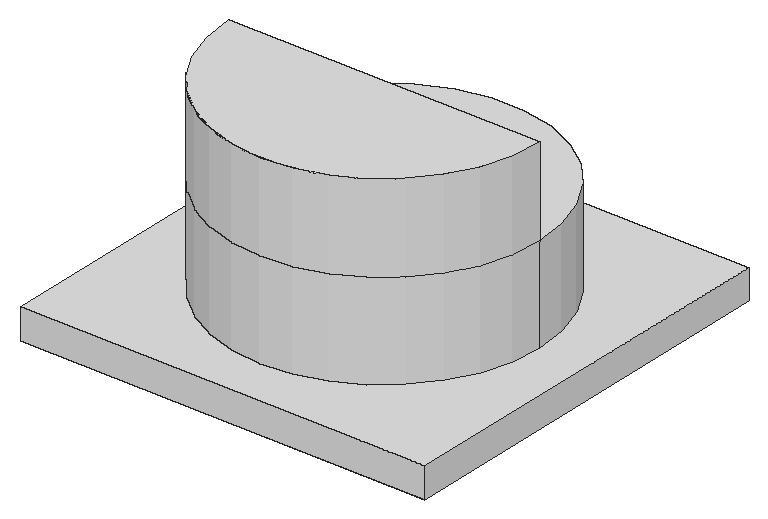
Revit family "290271 OmniLED R NM ST LED LP 1t_Tak", category Lighting Fixtures, Revit 2016
Family settings
  Part Type = Normal
  Round Connector Dimension = Use Diameter
  OmniClass Number = 23.80.70.11.21
  OmniClass Title = Emergency Lighting
  Work Plane-Based = No
  Always vertical = Yes
  Cut with Voids When Loaded = No
  Light Source = Yes
  Shared = No
  Room Calculation Point = No
Parameters (values of type "Ledelys")
  Wattage = 9.2903 W
  built-in parameter 1150110 = 1 (stored number, unit not read)
  Type Comments = "-UN"
  built-in parameter 1114217 = 1 (stored number, unit not read)
  Tilt Angle = 90.00°
  built-in parameter 1150109 = 1 (stored number, unit not read)
  built-in parameter 1150134 = 3
  built-in parameter 1150113 = 1 (stored number, unit not read)
  Photometric Web File = "2x4 3Lamp.ies"
  Number of Poles = 1
  Symbol Positive Direction [instance] = yes
  NS8360 = "4432_WT2"
  Manufacturer = "Honeywell"
  built-in parameter 1150105 = 109.82 (stored number, unit not read)
  Lumens = 1380 lm
  built-in parameter 1150115 = 1 (stored number, unit not read)
  built-in parameter 1150137 = (empty or 0)
  built-in parameter 1150139 = (empty or 0)
  built-in parameter 1150112 = 1 (stored number, unit not read)
  built-in parameter 1150114 = 1 (stored number, unit not read)
  Keynote = "WT2"
  built-in parameter 1150132 = (empty or 0)
  built-in parameter 1150102 = (empty or 0)
  built-in parameter 1150107 = 3200 (stored number, unit not read)
  built-in parameter 1150138 = (empty or 0)
  built-in parameter 1150106 = 1.0982 (stored number, unit not read)
  Height 2 = 35 mm
  Height 1 = 38 mm
  Height = 22 mm
  Voltage = 230 V
  Symbol Offset Side [instance] = 0 mm
  Symbol Offset Out [instance] = 0 mm
  Material = Plastic - White
  Loads [instance] = 0 VA
  Length B = 160 mm
  Length A = 160 mm
  Glass Material = Plastic - Glass
  Emit from Rectangle Width = Length B  # 160 mm
  Emit from Rectangle Length = Length A  # 160 mm
  Emit Shape Visible in Rendering = no
  built-in parameter 1150104 = 13.8 (stored number, unit not read)
  Dimming Lamp Color Temperature Shift = <None>
  Diameter = 123 mm
  Color Filter = 16777215
  built-in parameter 1114218 = 1 (stored number, unit not read)
  built-in parameter 1150133 = 10 (stored number, unit not read)
  Assembly Code = "4432"
Reference planes
  plane 1 "Light Source Axis (F/B)": y = 0
  plane 2: z = 0
  plane 3 "Light Source Axis (L/R)": x = 0
  plane 4 "Light Source Elevation": z = 0
  plane 5: z = -22
  plane 6: z = -19
  plane 7: z = -12
  plane 8: y = 80
  plane 9: x = 80
  plane 10: y = -80
  plane 11: x = -80
  plane 12: y = 15
  plane 13: x = 15
  plane 14: y = -15
  plane 15: x = -15
  plane 16: z = 38
  plane 17: z = 73
Forms (mm)
  Extrusion 1, solid, material "Plastic - White" <- "Material"
    sketch origin (0, 0, 0) x (1, 0, 0) y (0, 1, 0)
      loop
        line (-80, 80) -> (-80, -80) -> (80, -80) -> (80, 80) -> (-80, 80)
    from 0 to -12
  Blend 2, solid, material "Plastic - White" <- "Material"
    base sketch origin (0, 0, 0) x (1, 0, 0) y (0, 1, 0)
      loop
        line (-80, 80) -> (-80, -80) -> (80, -80) -> (80, 80) -> (-80, 80)
    top sketch origin (0, 0, 0) x (1, 0, 0) y (0, 1, 0)
      loop
        line (-15, 15) -> (-15, -15) -> (15, -15) -> (15, 15) -> (-15, 15)
    from -12 to -19
  Revolve 3, solid, material "Plastic - Glass" <- "Glass Material"
    sketch origin (0, 0, 0) x (1, 0, 0) y (0, 0, 1)
      loop
        line (0, -19) -> (0, -22) -> (0.8, -22)
        arc (0.8, -22) -> (2.993, -21.133) -> (4, -19) r 3.207
        line (4, -19) -> (0, -19)
      axis (0, -19) -> (0, -22)
    angle from 0 to 360
  Extrusion 4, solid, material "Plastic - White" <- "Material"
    sketch origin (0, 0, 0) x (1, 0, 0) y (0, 1, 0)
      loop
        circle (0, 0) r 61.5
    from 0 to 38
  Extrusion 5, solid, material "Plastic - White" <- "Material"
    sketch origin (0, 0, 0) x (1, 0, 0) y (0, 1, 0)
      loop
        arc (-61.5, 0) -> (0, -61.5) -> (61.5, 0) r 61.5
        line (61.5, 0) -> (-61.5, 0)
    from 38 to 73
Cuts and joins
  joined: Extrusion 4, Extrusion 5
Lines and regions (mm)
  model lines, style "InvisibleLines"
    curve 1: line (0, 0, 0) -> (0, 0, -19)
Dimensions and locks
  plane 4 "Light Source Elevation" to plane 2 = 0 mm
  "Height": plane 4 "Light Source Elevation" to plane 5
  locked: plane 6 to plane 5 at 3
  locked: plane 7 to plane 5 at 10
  equal spacing: plane 11, plane 3 "Light Source Axis (L/R)", plane 9
  equal spacing: plane 8, plane 1 "Light Source Axis (F/B)", plane 10
  "Length A": plane 11 to plane 9
  "Length B": plane 8 to plane 10
  plane 12 to plane 1 "Light Source Axis (F/B)" to plane 14 = 15 mm locked, 15 mm locked
  plane 15 to plane 3 "Light Source Axis (L/R)" to plane 13 = 15 mm locked, 15 mm locked
  "Height 1": plane 16 to plane 4 "Light Source Elevation"
  "Height 2": plane 17 to plane 16
  "Diameter": diameter of Extrusion 4 sketch curve
  "Diameter": diameter of Extrusion 5 sketch curve
  aligned and locked: plane 2 to level
  aligned and locked: plane 1 "Light Source Axis (F/B)" to nested 1
  aligned and locked: plane 3 "Light Source Axis (L/R)" to nested 1
  aligned and locked: Extrusion 1 sketch curve to plane 8
  aligned and locked: plane 11 to Extrusion 1 sketch curve
  aligned and locked: plane 10 to Extrusion 1 sketch curve
  aligned and locked: Extrusion 1 sketch curve to plane 9
  aligned and locked: Extrusion 1 to plane 7
  aligned and locked: Extrusion 1 to plane 4 "Light Source Elevation"
  aligned and locked: Blend 2 sketch curve to plane 8
  aligned and locked: plane 11 to Blend 2 sketch curve
  aligned and locked: plane 10 to Blend 2 sketch curve
  aligned and locked: Blend 2 sketch curve to plane 9
  aligned and locked: Blend 2 sketch curve to plane 12
  aligned and locked: plane 15 to Blend 2 sketch curve
  aligned and locked: Blend 2 sketch curve to plane 14
  aligned and locked: Blend 2 sketch curve to plane 13
  aligned and locked: plane 7 to Blend 2
  aligned and locked: Revolve 3 sketch curve to plane 3 "Light Source Axis (L/R)"  (x2)
  aligned and locked: Revolve 3 sketch curve to plane 6
  aligned and locked: Revolve 3 sketch curve to plane 5
  aligned and locked: imposter light to plane 3 "Light Source Axis (L/R)"
  aligned and locked: imposter light to plane 5
  aligned and locked: imposter light to plane 1 "Light Source Axis (F/B)"
  aligned and locked: Blend 2 to plane 6
  aligned and locked: plane 3 "Light Source Axis (L/R)" to Extrusion 4 sketch curve
  aligned and locked: plane 1 "Light Source Axis (F/B)" to Extrusion 4 sketch curve
  aligned and locked: plane 16 to Extrusion 4
  aligned and locked: plane 4 "Light Source Elevation" to Extrusion 4
  aligned and locked: plane 3 "Light Source Axis (L/R)" to Extrusion 5 sketch curve
  aligned and locked: plane 1 "Light Source Axis (F/B)" to Extrusion 5 sketch curve  (x2)
  aligned and locked: plane 17 to Extrusion 5
  aligned and locked: Extrusion 5 to plane 16
Automatic sketch dimensions
  plane 6 to Revolve 3 sketch curve = 0.207 mm
  plane 3 "Light Source Axis (L/R)" to Revolve 3 sketch curve = 0.8 mm
  Revolve 3 sketch curve to plane 5 = 256.8 mm
  level to Revolve 3 sketch curve = 2366.751 mm
  curve 1 to level = 0 mm
  curve 1 to plane 6 = 0 mm
  curve 1 to plane 3 "Light Source Axis (L/R)" = 0 mm
Nested families
  nested 1: "LedelysS" at (0, 0, 0), type "Type 1"
Connectors
  electrical at (0, 0, 0), driven by "Voltage", driven by "Loads", driven by "Number of Poles", driven by "Loads"
    settings: on plane 4 "Light Source Elevation", index 1, voltage 230 V, apparent load 0 VA, apparent load phase1 0 VA, apparent load phase2 0 VA, apparent load phase3 0 VA, power factor 1, load classification "Lighting", number of poles 1, system type 30, power factor state 1, is connector primary yes, connector utility no, sub classification motor no, connector description ""
Definition of nested family "LedelysS"
  Parameters
    CQ Symbol Positive Direction = yes
    CQ Symbol Negative Direction = not(CQ Symbol Positive Direction)  # no
    CQ Symbol Offset Side = 0 mm
    CQ Symbol Offset Out = 0 mm
  Reference planes
    plane 1: y = 0
    plane 2: x = 0
  Dimensions and locks
    "CQ Symbol Offset Out": plane 1 to nested 1
    "CQ Symbol Offset Out": plane 1 to nested 2
    "CQ Symbol Offset Side": plane 2 to nested 2
    "CQ Symbol Offset Side": nested 1 to plane 2
  Nested families
    nested 1: "LedelysSub" at (0, 0, 0), visible <- "CQ Symbol Negative Direction", type "Type 1"
    nested 2: "LedelysSub" at (0, 0, 0), visible <- "CQ Symbol Positive Direction", type "Type 1"
  Definition of nested family "LedelysSub"
    Reference planes
      plane 1: y = 0
      plane 2: x = 0
    Lines and regions (mm)
      detail lines
        curve 1: line (-4, -2, 0) -> (4, -2, 0)
        curve 2: line (4, -2, 0) -> (4, 2, 0)
        curve 3: line (4, 2, 0) -> (-4, 2, 0)
        curve 4: line (-4, 2, 0) -> (-4, -2, 0)
        curve 5: line (-3.097, -1.25, 0) -> (-0.597, 1.25, 0)
        curve 6: line (-3.097, 1.25, 0) -> (-0.597, -1.25, 0)
        curve 7: circle (-1.847, 0, 0) r 1.2 normal (0, 0, 1)
    Text (mm)
      text "LL" at (2.179, 1.025, 0)
